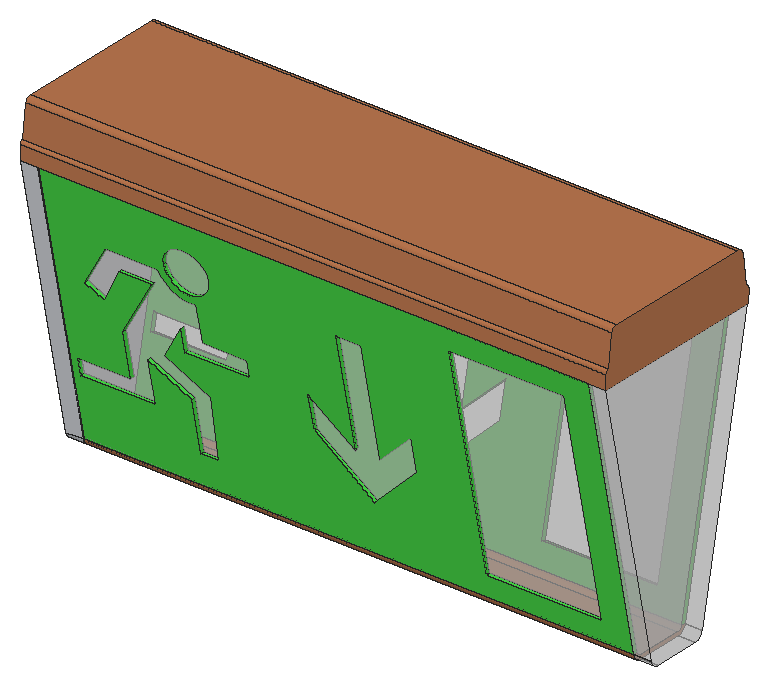
Revit family "EX3_Suspended Exit Light", category Lighting Fixtures, Revit 2013
Parameters (values of type "2 x 18W")
  Wattage = 9.2903 W
  built-in parameter 1150110 = 1 (stored number, unit not read)
  Model = "Weather Force DB Suspended Maintained Exit Double Sided"
  Manufacturer = "EMERGI-LITE"
  Load Classification = Ltg
  Light Type = "EX3"
  Light Source Symbol Size = 300 mm
  Lamp = "2 x 18W"
  Exit Sign = Exit Sign
  Emit from Line Length = 300 mm
  Body = Whitecroft Lighting_Polycarbonate
  built-in parameter 1114217 = 1 (stored number, unit not read)
  built-in parameter 1150109 = 1 (stored number, unit not read)
  built-in parameter 1150134 = (empty or 0)
  built-in parameter 1150113 = 1 (stored number, unit not read)
  Lumens = 1380 lm
  built-in parameter 1150115 = 1 (stored number, unit not read)
  built-in parameter 1150105 = 109.82 (stored number, unit not read)
  built-in parameter 1150137 = (empty or 0)
  built-in parameter 1150139 = (empty or 0)
  built-in parameter 1150112 = 1 (stored number, unit not read)
  built-in parameter 1150114 = 1 (stored number, unit not read)
  built-in parameter 1150132 = 2
  built-in parameter 1150102 = (empty or 0)
  built-in parameter 1150138 = (empty or 0)
  built-in parameter 1150107 = 3000 (stored number, unit not read)
  built-in parameter 1150106 = 1.0982 (stored number, unit not read)
  built-in parameter 1150104 = 13.8 (stored number, unit not read)
  Dimming Lamp Color Temperature Shift = <None>
  Color Filter = 16777215
  built-in parameter 1114218 = 1 (stored number, unit not read)
  built-in parameter 1150133 = 10 (stored number, unit not read)
  Apparent Load = 36 VA
Reference planes
  plane 1 "Light Source Axis (F/B)": y = 0
  plane 2: z = 0
  plane 3 "Light Source Axis (L/R)": x = 0
  plane 4 "Light Source Elevation": z = -95.358
  plane 5 "Lf": x = -165
  plane 6 "Rt": x = 165
  plane 7: y = 50
  plane 8: y = -50
  plane 9: z = -20
  plane 10: z = -185
  plane 11: x = -155
  plane 12: x = 155
  plane 13 "Rear": y = 3
  plane 14 "Fr": y = -3
  plane 15: z = -30
Forms (mm)
  Extrusion 1, solid, material "Exit Sign" <- "Exit Sign"
    sketch origin (0, 54.281, -0.24) x (-1, 0, 0) y (0, -0.207912, -0.978148)
      loop
        line (155, 184.438) -> (-155, 184.438) -> (-155, 30) -> (155, 30) -> (155, 184.438)
      loop
        line (138.548, 88.819) -> (128.281, 95.234) -> (116.61, 74.178) -> (98.201, 74.178) -> (120.453, 109.788) -> (120.453, 136.459) -> (150.453, 136.459) -> (150.453, 146.459) -> (108.019, 146.459) -> (108.019, 120.62) -> (85.689, 134.574) -> (85.689, 165.444) -> (75.689, 165.444) -> (74.413, 128.895) -> (97.743, 114.317) -> (85.138, 94.145) -> (85.138, 107.478) -> (48.645, 107.478) -> (48.645, 97.478) -> (73.645, 97.478) -> (73.645, 75.895)
        arc (73.645, 75.895) -> (85.773, 73.355) -> (93.119, 63.377) r 17.365
        line (93.119, 63.377) -> (122.651, 63.377) -> (138.548, 88.819)
      loop
        circle (76.383, 58.748) r 12.762
      loop
        line (15.087, 124.445) -> (-14.091, 153.624) -> (-42.53, 125.184) -> (-42.53, 105.143) -> (-21.317, 126.356) -> (-21.317, 61.356) -> (-7.732, 61.356) -> (-7.732, 126.356) -> (15.087, 103.537) -> (15.087, 124.445)
      loop
        line (-73.944, 171.355) -> (-138.944, 171.355) -> (-138.944, 43.384) -> (-73.944, 43.384) -> (-73.944, 171.355)
    from 0 to -2
  Extrusion 2, solid, material "Light Body"
    sketch origin (-165, 0, 0) x (0, 1, 0) y (0, 0, 1)
      loop
        line (50, -30) -> (50, -22)
        arc (50, -22) -> (49.414, -20.586) -> (48, -20) r 2
        line (48, -20) -> (45.868, -2.634)
        arc (45.868, -2.634) -> (44.878, -0.753) -> (42.89, 0) r 3
        line (42.89, 0) -> (-42.89, 0)
        arc (-42.89, 0) -> (-44.878, -0.753) -> (-45.868, -2.634) r 3
        line (-45.868, -2.634) -> (-48, -20)
        arc (-48, -20) -> (-49.414, -20.586) -> (-50, -22) r 2
        line (-50, -22) -> (-50, -30) -> (50, -30)
    from 0 to 330
  Extrusion 3, solid
    sketch origin (-165, 0, 0) x (0, 1, 0) y (0, 0, 1)
      loop
        line (50, -30) -> (-50, -30) -> (-17.896, -181.04)
        arc (-17.896, -181.04) -> (-16.151, -183.886) -> (-13.005, -185) r 5
        line (-13.005, -185) -> (13.005, -185)
        arc (13.005, -185) -> (16.151, -183.886) -> (17.896, -181.04) r 5
        line (17.896, -181.04) -> (50, -30)
    from 0 to 10
  Extrusion 4, solid, material "Whitecroft Lighting_Polycarbonate" <- "Body"
    sketch origin (165, 0, 0) x (0, 1, 0) y (0, 0, 1)
      loop
        line (-50, -30) -> (-17.896, -181.04)
        arc (-17.896, -181.04) -> (-16.151, -183.886) -> (-13.005, -185) r 5
        line (-13.005, -185) -> (13.005, -185)
        arc (13.005, -185) -> (16.151, -183.886) -> (17.896, -181.04) r 5
        line (17.896, -181.04) -> (50, -30) -> (-50, -30)
    from 0 to -10
  Extrusion 5, solid, material "Light Body"
    sketch origin (-165, 0, 0) x (0, 1, 0) y (0, 0, 1)
      loop
        line (13.005, -183) -> (-13.005, -183)
        arc (-13.005, -183) -> (-14.893, -182.331) -> (-15.939, -180.624) r 3
        line (-15.939, -180.624) -> (-17.896, -181.04)
        arc (-17.896, -181.04) -> (-16.151, -183.886) -> (-13.005, -185) r 5
        line (-13.005, -185) -> (13.005, -185)
        arc (13.005, -185) -> (16.151, -183.886) -> (17.896, -181.04) r 5
        line (17.896, -181.04) -> (15.939, -180.624)
        arc (15.939, -180.624) -> (14.893, -182.331) -> (13.005, -183) r 3
    from 10 to 320
  Extrusion 6, solid, material "Exit Sign" <- "Exit Sign"
    sketch origin (0, -54.281, -0.24) x (-1, 0, 0) y (0, -0.207912, 0.978148)
      loop
        line (155, -184.438) -> (155, -30) -> (-155, -30) -> (-155, -184.438) -> (155, -184.438)
      loop
        line (138.548, -88.819) -> (122.651, -63.377) -> (93.119, -63.377)
        arc (93.119, -63.377) -> (85.773, -73.355) -> (73.645, -75.895) r 17.365
        line (73.645, -75.895) -> (73.645, -97.478) -> (48.645, -97.478) -> (48.645, -107.478) -> (85.138, -107.478) -> (85.138, -94.145) -> (97.743, -114.317) -> (74.413, -128.895) -> (75.689, -165.444) -> (85.689, -165.444) -> (85.689, -134.574) -> (108.019, -120.62) -> (108.019, -146.459) -> (150.453, -146.459) -> (150.453, -136.459) -> (120.453, -136.459) -> (120.453, -109.788) -> (98.201, -74.178) -> (116.61, -74.178) -> (128.281, -95.234) -> (138.548, -88.819)
      loop
        circle (76.383, -58.748) r 12.762
      loop
        line (15.087, -124.445) -> (15.087, -103.537) -> (-7.732, -126.356) -> (-7.732, -61.356) -> (-21.317, -61.356) -> (-21.317, -126.356) -> (-42.53, -105.143) -> (-42.53, -125.184) -> (-14.091, -153.624) -> (15.087, -124.445)
      loop
        line (-73.944, -171.355) -> (-73.944, -43.384) -> (-138.944, -43.384) -> (-138.944, -171.355) -> (-73.944, -171.355)
    from 0 to -2
  Extrusion 7, solid, material "Whitecroft Lighting_Polycarbonate" <- "Body"
    sketch origin (-165, 0, 0) x (0, 1, 0) y (0, 0, 1)
      loop
        line (47.955, -30) -> (-47.955, -30) -> (-15.939, -180.624)
        arc (-15.939, -180.624) -> (-14.893, -182.331) -> (-13.005, -183) r 3
        line (-13.005, -183) -> (13.005, -183)
        arc (13.005, -183) -> (14.893, -182.331) -> (15.939, -180.624) r 3
        line (15.939, -180.624) -> (47.955, -30)
    from 10 to 320
Dimensions and locks
  plane 2 to plane 9 = 20 mm
  aligned and locked: plane 1 "Light Source Axis (F/B)" to imposter light
  aligned and locked: plane 4 "Light Source Elevation" to imposter light
  aligned and locked: level to plane 2
Nested families
  nested 1: "EM_EX3" at (0, 3, 0), type "EM_EX3"
Connectors
  electrical at (165, 0, -14.927), driven by "Load Classification"
    settings: on Extrusion 2, index 1, voltage 230 V, apparent load 0 VA, apparent load phase1 8 VA, apparent load phase2 0 VA, apparent load phase3 0 VA, power factor 0.9, load classification "Ltg", number of poles 1, system type 31, power factor state 1, is connector primary yes, connector utility no, sub classification motor no, connector description ""
Definition of nested family "EM_EX3"
  Reference planes
    plane 1: y = 0
    plane 2: x = 0
  Lines and regions (mm)
    detail lines, style "Emergency"
      curve 1: line (-3, 1.75, 0) -> (-3, -1.75, 0)
      curve 2: line (-3, 1.75, 0) -> (3, 1.75, 0)
      curve 3: line (3, 1.75, 0) -> (3, -1.75, 0)
      curve 4: line (-3, -1.75, 0) -> (3, -1.75, 0)
  Text (mm)
    text "EX3" at (-0.038, 1.914, 0)
